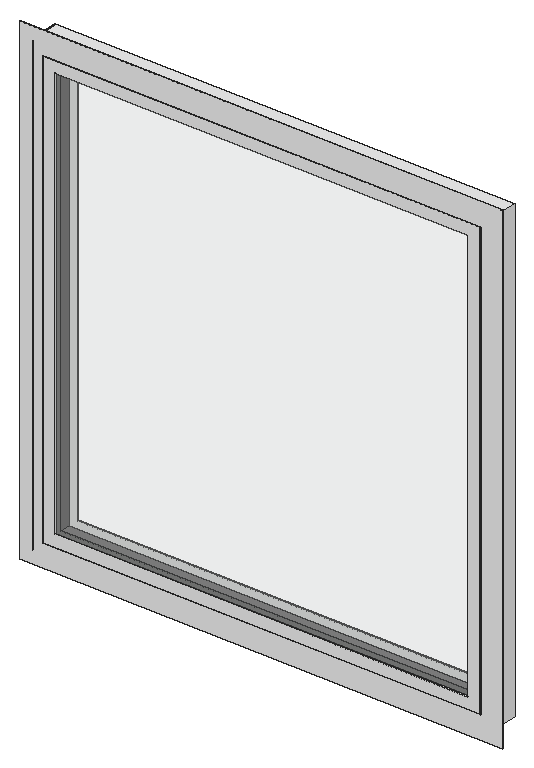
Revit family "Casement_38_F_Top_Hung_Standard", category Windows, host Wall, Revit 2014
Parameters (values of type "Casement_Sash_DG")
  Width Sash [instance] = 30 mm
  Width Sash Inner = 15 mm
  Width Bead = 15 mm
  Top Hung [instance] = yes
  Side Hung Right [instance] = yes
  Side Hung Left [instance] = yes
  Sash Opening Width [instance] = 600 mm
  Sash Opening Height [instance] = 600.312 mm
  Sash Lip = 15 mm
  Glazing Material [instance] = Glass
  DG Start Piece 2 [instance] = DG End Piece 1 + DG Gasket Thickness  # 25 mm
  DG Start Peice 1 [instance] = (Depth Sash - (2 * DG Glazing Thickness) - DG Gasket Thickness) / 2  # 6.6 mm
  Glazing Offset = 5 mm
  DG Glazing Thickness [instance] = 6.4 mm
  DG Gasket Thickness = 12 mm  # constant formula
  DG Gasket Material [instance] = Double Glazing Gasket Material
  DG End Piece 2 [instance] = DG Start Piece 2 + DG Glazing Thickness  # 31.4 mm
  DG End Piece 1 [instance] = DG Start Peice 1 + DG Glazing Thickness  # 13 mm
  Depth Sash [instance] = 38 mm
  Center Vertical Sash [instance] = Sash Opening Height / 2  # 300.156 mm
  Center Horizontal Sash [instance] = Sash Opening Width / 2  # 300 mm
  Bottom Hung [instance] = yes
  Bead Offset = 15 mm
  Aluminium Thickness = 1 mm
  Aluminium Material [instance] = White Powder Coated Aluminium
Reference planes
  plane 1 "Center (Front/Back)": y = 0
  plane 2: z = 0
  plane 3 "Center (Left/Right)": x = 0
Forms (mm)
  Sweep 1, solid, material "White Powder Coated Aluminium" <- "Aluminium Material"
    path origin (16.177, 0, 121.331) x (1, 0, 0) y (0, 0, 1)
      loop
        line (0, 0) -> (600, 0) -> (600, 600.312) -> (0, 600.312) -> (0, 0)
    profile origin (316.177, 0, 121.331) x (0, 0, 1) y (0, -1, 0)
      loop
        line (0, 0) -> (30, 0) -> (30, 1) -> (15, 1) -> (15, 38) -> (-15, 38) -> (-15, 37) -> (0, 37) -> (0, 0)
      loop
        line (14, 1) -> (14, 37) -> (1, 37) -> (1, 1) -> (14, 1)
  Sweep 2, solid, material "White Powder Coated Aluminium" <- "Aluminium Material"
    path origin (0, 0, 0) x (1, 0, 0) y (0, 0, 1)
      loop
        line (31.177, 706.643) -> (31.177, 136.331) -> (601.177, 136.331) -> (601.177, 706.643) -> (31.177, 706.643)
    profile origin (316.177, 0, 706.643) x (0, 0, 1) y (0, -1, 0)
      loop
        line (0, 37) -> (0, 38) -> (-15, 38) -> (-15, 37) -> (0, 37)
  Extrusion 3, solid, material "Glass" <- "Glazing Material"
    sketch origin (0, 0, 0) x (1, 0, 0) y (0, 0, 1)
      loop
        line (36.177, 701.643) -> (36.177, 141.331) -> (596.177, 141.331) -> (596.177, 701.643) -> (36.177, 701.643)
    from 6.6 <- "DG Start Peice 1" to 13 <- "DG End Piece 1"
  Extrusion 4, solid, material "Glass" <- "Glazing Material"
    sketch origin (0, 0, 0) x (1, 0, 0) y (0, 0, 1)
      loop
        line (36.177, 701.643) -> (36.177, 141.331) -> (596.177, 141.331) -> (596.177, 701.643) -> (36.177, 701.643)
    from 31.4 <- "DG End Piece 2" to 25 <- "DG Start Piece 2"
  Sweep 5, solid, material "Double Glazing Gasket Material" <- "DG Gasket Material"
    path origin (0, -13, 0) x (1, 0, 0) y (0, 0, 1)
      loop
        line (36.177, 701.643) -> (36.177, 141.331) -> (596.177, 141.331) -> (596.177, 701.643) -> (36.177, 701.643)
    profile origin (316.177, -13, 701.643) x (0, 0, 1) y (0, -1, 0)
      loop
        line (0, 0) -> (0, 12) -> (-7.96, 12) -> (-7.96, 0) -> (0, 0)
Lines and regions (mm)
  model lines
    curve 1: line (1.177, -38, 736.643) -> (31.177, -38, 706.643)
    curve 2: line (601.177, -38, 706.643) -> (631.177, -38, 736.643)
    curve 3: line (601.177, -38, 136.331) -> (631.177, -38, 106.331)
    curve 4: line (1.177, -38, 106.331) -> (31.177, -38, 136.331)
    curve 5: line (631.177, -37, 736.643) -> (616.177, -37, 721.643)
    curve 6: line (1.177, -37, 736.643) -> (16.177, -37, 721.643)
    curve 7: line (1.177, -37, 106.331) -> (16.177, -37, 121.331)
    curve 8: line (631.177, -37, 106.331) -> (616.177, -37, 121.331)
    curve 9: line (616.177, 0, 121.331) -> (586.177, 0, 151.331)
    curve 10: line (46.177, 0, 151.331) -> (16.177, 0, 121.331)
    curve 11: line (616.177, 0, 721.643) -> (586.177, 0, 691.643)
    curve 12: line (46.177, 0, 691.643) -> (16.177, 0, 721.643)
    curve 13: line (31.177, -38, 691.643) -> (46.177, -38, 691.643)
    curve 14: line (586.177, -38, 691.643) -> (601.177, -38, 691.643)
    curve 15: line (586.177, -38, 151.331) -> (601.177, -38, 151.331)
    curve 16: line (31.177, -38, 151.331) -> (46.177, -38, 151.331)
  model lines, style "GenericModelHiddenLines", visible <- "Top Hung"
    curve 17: line (46.386, -31.4, 690.914) -> (316.177, -31.4, 151.331)
    curve 18: line (316.177, -31.4, 151.331) -> (586.177, -31.4, 691.331)
  model lines, style "GenericModelHiddenLines", visible <- "Bottom Hung"
    curve 19: line (46.177, -31.4, 151.331) -> (316.177, -31.4, 691.331)
    curve 20: line (316.177, -31.4, 691.331) -> (586.177, -31.4, 151.331)
  model lines, style "GenericModelHiddenLines", visible <- "Side Hung Left"
    curve 21: line (46.386, -31.4, 690.914) -> (585.24, -31.4, 421.487)
    curve 22: line (585.24, -31.4, 421.487) -> (46.177, -31.4, 151.331)
  model lines, style "GenericModelHiddenLines", visible <- "Side Hung Right"
    curve 23: line (586.177, -31.4, 691.331) -> (46.177, -31.4, 421.487)
    curve 24: line (46.177, -31.4, 421.487) -> (586.177, -31.4, 151.331)
Dimensions and locks
  "Aluminium Thickness": Sweep 1 sketch curve to Sweep 1 sketch curve  (x4)
  "Depth Sash": Sweep 1 sketch curve to Sweep 1 sketch curve
  "Sash Opening Width": Sweep 1 to Sweep 1
  "Sash Opening Height": Sweep 1 to Sweep 1
  "Width Sash": Sweep 1 sketch curve to Sweep 1 sketch curve  (x2)
  "Width Sash Inner": Sweep 1 sketch curve to Sweep 1 sketch curve
  "Sash Lip": Sweep 1 sketch curve to Sweep 1 sketch curve
  "Aluminium Thickness": Sweep 1 to Sweep 2 sketch curve
  "Glazing Offset": Sweep 2 to Extrusion 3 sketch curve  (x3)
  "Glazing Offset": Extrusion 3 sketch curve to Sweep 2
  Sweep 1 to Sweep 1 = 1 mm
  "Aluminium Thickness": Sweep 2 sketch curve to Sweep 2 sketch curve
  "Width Bead": Sweep 2 sketch curve to Sweep 2 sketch curve
  locked: Sweep 5 sketch curve to Sweep 5 sketch curve at 7.96
  "Center Horizontal Sash": Sweep 1 to curve 18
  "Center Horizontal Sash": Sweep 1 to curve 20
  "Center Vertical Sash": Sweep 1 to curve 22
  "Center Vertical Sash": Sweep 1 to curve 24
  aligned and locked: level to plane 2
  aligned and locked: Sweep 1 sketch curve to Sweep 1 sketch curve  (x2)
  aligned and locked: Sweep 2 sketch curve to Sweep 1  (x5)
  aligned and locked: Extrusion 4 sketch curve to Extrusion 3  (x4)
  aligned and locked: Sweep 5 sketch curve to Extrusion 3  (x5)
  aligned and locked: Extrusion 3 to Sweep 5 sketch curve
Automatic sketch dimensions
  plane 3 "Center (Left/Right)" to Sweep 1 sketch curve = 16.177 mm
  level to Sweep 1 sketch curve = 121.331 mm
  plane 3 "Center (Left/Right)" to Sweep 1 sketch curve = 616.177 mm
  level to Sweep 1 sketch curve = 721.643 mm
  profile plane to Sweep 5 sketch curve = 12 mm
  curve 7 to Sweep 1 = 0 mm  (x4)
  curve 6 to Sweep 1 = 0 mm  (x3)
  Sweep 1 to curve 6 = 0 mm
  curve 5 to Sweep 1 = 0 mm  (x3)
  curve 8 to Sweep 1 = 0 mm  (x4)
  Sweep 1 to curve 5 = 0 mm
  curve 16 to Sweep 2 = 0 mm  (x3)
  curve 13 to Sweep 2 = 0 mm  (x3)
  curve 15 to Sweep 2 = 0 mm
  Sweep 2 to curve 15 = 0 mm  (x2)
  curve 14 to Sweep 2 = 0 mm  (x2)
  Sweep 2 to curve 14 = 0 mm
  curve 1 to Sweep 1 = 0 mm  (x4)
  curve 4 to Sweep 1 = 0 mm  (x3)
  Sweep 1 to curve 4 = 0 mm
  curve 3 to Sweep 1 = 0 mm  (x3)
  curve 2 to Sweep 1 = 0 mm  (x4)
  Sweep 1 to curve 3 = 0 mm
  curve 10 to Sweep 1 = 0 mm  (x4)
  curve 12 to Sweep 1 = 0 mm  (x3)
  Sweep 1 to curve 12 = 0 mm
  curve 9 to Sweep 1 = 0 mm  (x4)
  curve 11 to Sweep 1 = 0 mm  (x3)
  Sweep 1 to curve 11 = 0 mm
  Sweep 1 sketch curve to plane 1 "Center (Front/Back)" = 0 mm
  profile plane to Sweep 1 sketch curve = 0 mm
  curve 21 to Extrusion 4 = 10.208 mm
  curve 19 to Extrusion 4 = 10 mm
  curve 23 to Extrusion 4 = 10 mm  (x2)
  curve 22 to Extrusion 4 = 10.937 mm
  curve 20 to Extrusion 4 = 10 mm
  curve 24 to Extrusion 4 = 10 mm
  curve 22 to Extrusion 4 = 10 mm
  curve 18 to Extrusion 4 = 10 mm
  curve 21 to Extrusion 4 = 10.729 mm
  curve 19 to Extrusion 4 = 10.312 mm
  curve 18 to Extrusion 4 = 10.312 mm
Types in the file's own list only (6): name | Windload Design | Width Sash Right Opening | Width Sash Left Opening | Width Sash Right | Width Sash Left | Width Profile | Width Fixed Panel Right | Width Fixed Panel Left | Width Fixed Panel Center | Width | URL | Offset Window Exterior | Max System DG Unit Thickness | Max System DG One Piece Thickness | Max Pane Area | Intruderprufe U Value | Intruderprufe SHGC Value | Intruderprufe LowE U Value | Intruderprufe LowE SHGC Value | Intruderprufe Insulated U Value | Intruderprufe Insulated SHGC Value | Intruderprufe Insulated LowE U Value | Intruderprufe Insulated LowE SHGC Value | Height Fixed Panel Right | Height Fixed Panel Left | Height | Energy Advantage U Value | Energy Advantage SHGC Value | DG Thickness Calc | Custom Window Width | Custom Window Height | Window Exterior Offset | Custom Windload | Custom Sash Right Width | Custom Sash Right Height | Custom Sash Left Width | Custom Sash Left Height | Sash Spacing Inner | Sash Overlap | Sash Center Offset | SG Gasket Thickness | Offset Sash Side | Offset Sash Top | Offset Mullion Right | Offset Fixed Panel Center Left | Offset Mullion Left | Offset Transom Right Top | Offset Transom Left Top | Offset Bead Center Reversed | Model | Manufacturer | Limit Window Width Min | Limit Window Width Max | Limit Window Height Min | Limit Window Height Max | Limit Sash Width Min | Limit Sash Width Max | Limit Sash Height Min | Limit Sash Height Max | Limit Fixed Pane Width Min | Limit Fixed Pane Width Max | Limit Fixed Pane Height Min | Limit Fixed Pane Height Max | Length Transom Right | Length Transom Left | Length Mullion | Height Sash Right Opening | Height Sash Right | Height Sash Left Opening | Height Sash Left | Height Fixed Panel Center | Description | Depth Mullion | Frame Center Offset | Depth Bead | Default Sill Height | Wall Closure | DG Gasket Finish | DG Extrusion Start | Mullion Depth Windload Based | Clearvue U Value | Clearvue SHGC Value | Clearvue Insulated U Value | Clearvue Insulated SHGC Value | Clearvue Insulated LowE U Value | Clearvue Insulated LowE SHGC Value | Casement Dimension | Bottom Hung | Bead SG Gap | Area Pane Right Top | Area Pane Right Bottom | Area Pane Middle | Area Pane Left Top | Area Pane Left Bottom
  38-1809TT-1000Pa | 1000 mm | 554 mm | 554 mm | 524 mm | 524 mm | 30 mm | 540 mm | 540 mm | 590 mm | 1790 mm | "http://www.crealco.co.za/crealco-products.php" | 19 mm | 25 mm | 6 mm | 0.48 m² | 6.94 | 0.656 | 5.28 | 0.561 | 4.58 | 0.539 | 4.06 | 0.493 | 260 mm | 260 mm | 890 mm | 5.42 | 0.6 | 4 mm | 1790 mm | 890 mm | 0 mm | 1000 mm | 554 mm | 554 mm | 554 mm | 554 mm | 8 mm | 7 mm | 16 mm | 6 mm | 23 mm | 23 mm | 570 mm | 600 mm | 570 mm | 570 mm | 570 mm | 19 mm | "Casement 38" | "Crealco" | 1400 mm | 2700 mm | 830 mm | 1860 mm | 300 mm | 1500 mm | 300 mm | 1200 mm | 200 mm | 1500 mm | 200 mm | 1800 mm | 540 mm | 540 mm | 890 mm | 554 mm | 524 mm | 554 mm | 524 mm | 830 mm | "Window 38mm, Type F top hung" | 39 mm | 19 mm | 24 mm | 800 mm | By host | Double Glazing Gasket Material | 9 mm | 39 mm | 7.06 | 0.668 | 4.7 | 0.583 | 4.15 | 0.531 | 38 mm | No | 13 mm | 0.23 m² | 0.13 m² | 0.48 m² | 0.23 m² | 0.13 m²
  38-1809TT-1500Pa | 1500 mm | 554 mm | 554 mm | 524 mm | 524 mm | 30 mm | 540 mm | 540 mm | 590 mm | 1790 mm | "http://www.crealco.co.za/crealco-products.php" | 19 mm | 25 mm | 6 mm | 0.48 m² | 6.94 | 0.656 | 5.28 | 0.561 | 4.58 | 0.539 | 4.06 | 0.493 | 260 mm | 260 mm | 890 mm | 5.42 | 0.6 | 4 mm | 1790 mm | 890 mm | 0 mm | 1500 mm | 554 mm | 554 mm | 554 mm | 554 mm | 8 mm | 7 mm | 16 mm | 6 mm | 23 mm | 23 mm | 570 mm | 600 mm | 570 mm | 570 mm | 570 mm | 19 mm | "Casement 38" | "Crealco" | 1400 mm | 2700 mm | 830 mm | 1860 mm | 300 mm | 1500 mm | 300 mm | 1200 mm | 200 mm | 1500 mm | 200 mm | 1800 mm | 540 mm | 540 mm | 890 mm | 554 mm | 524 mm | 554 mm | 524 mm | 830 mm | "Window 38mm, Type F top hung" | 39 mm | 19 mm | 24 mm | 800 mm | By host | Double Glazing Gasket Material | 9 mm | 39 mm | 7.06 | 0.668 | 4.7 | 0.583 | 4.15 | 0.531 | 38 mm | No | 13 mm | 0.23 m² | 0.13 m² | 0.48 m² | 0.23 m² | 0.13 m²
  38-1809TT-2000Pa | 2000 mm | 554 mm | 554 mm | 524 mm | 524 mm | 30 mm | 540 mm | 540 mm | 590 mm | 1790 mm | "http://www.crealco.co.za/crealco-products.php" | 19 mm | 25 mm | 6 mm | 0.48 m² | 6.94 | 0.656 | 5.28 | 0.561 | 4.58 | 0.539 | 4.06 | 0.493 | 260 mm | 260 mm | 890 mm | 5.42 | 0.6 | 4 mm | 1790 mm | 890 mm | 0 mm | 2000 mm | 554 mm | 554 mm | 554 mm | 554 mm | 8 mm | 7 mm | 16 mm | 6 mm | 23 mm | 23 mm | 570 mm | 600 mm | 570 mm | 570 mm | 570 mm | 19 mm | "Casement 38" | "Crealco" | 1400 mm | 2700 mm | 830 mm | 1860 mm | 300 mm | 1500 mm | 300 mm | 1200 mm | 200 mm | 1500 mm | 200 mm | 1800 mm | 540 mm | 540 mm | 890 mm | 554 mm | 524 mm | 554 mm | 524 mm | 830 mm | "Window 38mm, Type F top hung" | 39 mm | 19 mm | 24 mm | 800 mm | By host | Double Glazing Gasket Material | 9 mm | 39 mm | 7.06 | 0.668 | 4.7 | 0.583 | 4.15 | 0.531 | 38 mm | No | 13 mm | 0.23 m² | 0.13 m² | 0.48 m² | 0.23 m² | 0.13 m²
  38-2409TT-1000Pa | 1000 mm | 554 mm | 554 mm | 524 mm | 524 mm | 30 mm | 540 mm | 540 mm | 1190 mm | 2390 mm | "http://www.crealco.co.za/crealco-products.php" | 19 mm | 25 mm | 6 mm | 0.97 m² | 7.32 | 0.742 | 5.41 | 0.641 | 4.61 | 0.619 | 3.99 | 0.564 | 260 mm | 260 mm | 890 mm | 5.56 | 0.686 | 4 mm | 2390 mm | 890 mm | 0 mm | 1000 mm | 554 mm | 554 mm | 554 mm | 554 mm | 8 mm | 7 mm | 16 mm | 6 mm | 23 mm | 23 mm | 570 mm | 600 mm | 570 mm | 570 mm | 570 mm | 19 mm | "Casement 38" | "Crealco" | 1400 mm | 2700 mm | 830 mm | 1860 mm | 300 mm | 1500 mm | 300 mm | 1200 mm | 200 mm | 1500 mm | 200 mm | 1800 mm | 540 mm | 540 mm | 890 mm | 554 mm | 524 mm | 554 mm | 524 mm | 830 mm | "Window 38mm, Type F top hung" | 39 mm | 19 mm | 24 mm | 800 mm | By host | Double Glazing Gasket Material | 9 mm | 39 mm | 7.44 | 0.765 | 4.72 | 0.669 | 4.08 | 0.609 | 38 mm | No | 13 mm | 0.23 m² | 0.13 m² | 0.97 m² | 0.23 m² | 0.13 m²
  38-2409TT-1500Pa | 1500 mm | 554 mm | 554 mm | 524 mm | 524 mm | 30 mm | 540 mm | 540 mm | 1190 mm | 2390 mm | "http://www.crealco.co.za/crealco-products.php" | 19 mm | 25 mm | 6 mm | 0.97 m² | 7.32 | 0.742 | 5.41 | 0.641 | 4.61 | 0.619 | 3.99 | 0.564 | 260 mm | 260 mm | 890 mm | 5.56 | 0.686 | 4 mm | 2390 mm | 890 mm | 0 mm | 1500 mm | 554 mm | 554 mm | 554 mm | 554 mm | 8 mm | 7 mm | 16 mm | 6 mm | 23 mm | 23 mm | 570 mm | 600 mm | 570 mm | 570 mm | 570 mm | 19 mm | "Casement 38" | "Crealco" | 1400 mm | 2700 mm | 830 mm | 1860 mm | 300 mm | 1500 mm | 300 mm | 1200 mm | 200 mm | 1500 mm | 200 mm | 1800 mm | 540 mm | 540 mm | 890 mm | 554 mm | 524 mm | 554 mm | 524 mm | 830 mm | "Window 38mm, Type F top hung" | 39 mm | 19 mm | 24 mm | 800 mm | By host | Double Glazing Gasket Material | 9 mm | 39 mm | 7.44 | 0.765 | 4.72 | 0.669 | 4.08 | 0.609 | 38 mm | No | 13 mm | 0.23 m² | 0.13 m² | 0.97 m² | 0.23 m² | 0.13 m²
  38-2409TT-2000Pa | 2000 mm | 554 mm | 554 mm | 524 mm | 524 mm | 30 mm | 540 mm | 540 mm | 1190 mm | 2390 mm | "http://www.crealco.co.za/crealco-products.php" | 19 mm | 25 mm | 6 mm | 0.97 m² | 7.32 | 0.742 | 5.41 | 0.641 | 4.61 | 0.619 | 3.99 | 0.564 | 260 mm | 260 mm | 890 mm | 5.56 | 0.686 | 4 mm | 2390 mm | 890 mm | 0 mm | 2000 mm | 554 mm | 554 mm | 554 mm | 554 mm | 8 mm | 7 mm | 16 mm | 6 mm | 23 mm | 23 mm | 570 mm | 600 mm | 570 mm | 570 mm | 570 mm | 19 mm | "Casement 38" | "Crealco" | 1400 mm | 2700 mm | 830 mm | 1860 mm | 300 mm | 1500 mm | 300 mm | 1200 mm | 200 mm | 1500 mm | 200 mm | 1800 mm | 540 mm | 540 mm | 890 mm | 554 mm | 524 mm | 554 mm | 524 mm | 830 mm | "Window 38mm, Type F top hung" | 39 mm | 19 mm | 24 mm | 800 mm | By host | Double Glazing Gasket Material | 9 mm | 39 mm | 7.44 | 0.765 | 4.72 | 0.669 | 4.08 | 0.609 | 38 mm | No | 13 mm | 0.23 m² | 0.13 m² | 0.97 m² | 0.23 m² | 0.13 m²
